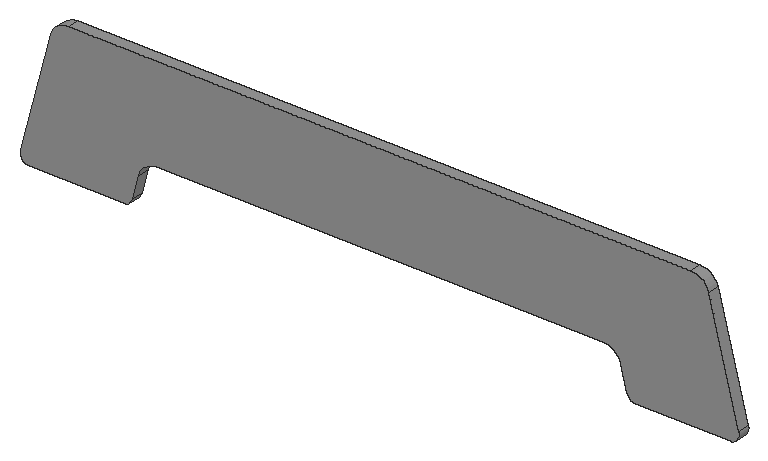
Revit family "Angeld Screen", category Furniture, Revit 2019
Family settings
  OmniClass Number = 23.40.20.00
  OmniClass Title = General Furniture and Specialties
  Work Plane-Based = No
  Always vertical = Yes
  Cut with Voids When Loaded = No
  Shared = No
  Room Calculation Point = No
Parameters (values of type "1970 x 380 High Screen")
  Width = 1970 mm
  URL = "www.gof.co.uk"
  Screen = GABRIEL Byron_13101
  Range = "SCREENS"
  Product Data Specification = "https://gof.co.uk/wp-content/uploads/2018/03/Mirage-Lite-Product-Specfication-Sheets.pdf"
  Product Code = "ML2004-9"
  Product Brochure = ""
  Model = "MIRAGE LITE"
  Manufacturer = "Gresham Office Furniture"  # constant formula
  Assembly Code = "E2020200"
Types (7, lengths in mm): name | Width | Product Code
  (no name) | 1970 | "ML2004-9"
  1970 x 380 High Screen | 1970 | "ML2004-9"
  1770 x 380 High Screen | 1770 | "ML1804-9"
  1570 x 380 High Screen | 1570 | "ML1604-9"
  1370 x 380 High Screen | 1370 | "ML1404-9"
  1170 x 380 High Screen | 1170 | "ML1204-9"
  970 x 380 High Screen | 970 | "ML1004-9"
Reference planes
  plane 1 "Center (Front/Back)": y = 0
  plane 2: z = 0
  plane 3 "Center (Left/Right)": x = 0
  plane 4: x = 985
  plane 5: x = -985
  plane 6: z = 727
Forms (mm)
  Extrusion 1, solid, material "GABRIEL Byron_13101" <- "Screen"
    sketch origin (0, 0.307, 20) x (1, 0, 0) y (0, 0, 1)
      loop
        line (852, 1087) -> (-852, 1087)
        arc (-852, 1087) -> (-882.438, 1076.668) -> (-900.296, 1049.941) r 50
        line (-900.296, 1049.941) -> (-983.754, 738.47)
        arc (-983.754, 738.47) -> (-979.44, 716.781) -> (-959.606, 707) r 25
        line (-959.606, 707) -> (-700.787, 707)
        arc (-700.787, 707) -> (-685.568, 712.166) -> (-676.639, 725.53) r 25
        line (-676.639, 725.53) -> (-659.38, 789.941)
        arc (-659.38, 789.941) -> (-641.522, 816.668) -> (-611.084, 827) r 50
        line (-611.084, 827) -> (611.084, 827)
        arc (611.084, 827) -> (641.522, 816.668) -> (659.38, 789.941) r 50
        line (659.38, 789.941) -> (676.639, 725.53)
        arc (676.639, 725.53) -> (685.568, 712.166) -> (700.787, 707) r 25
        line (700.787, 707) -> (959.606, 707)
        arc (959.606, 707) -> (979.44, 716.781) -> (983.754, 738.47) r 25
        line (983.754, 738.47) -> (900.296, 1049.941)
        arc (900.296, 1049.941) -> (882.438, 1076.668) -> (852, 1087) r 50
    from -14.693 to 15.307
Dimensions and locks
  "Width": plane 5 to plane 4
  equal spacing: plane 5, plane 3 "Center (Left/Right)", plane 4
  locked: plane 6 to level at 727
  equal spacing: Extrusion 1, plane 1 "Center (Front/Back)", Extrusion 1
  locked: Extrusion 1 to Extrusion 1 at 30
  equal spacing: plane 4, plane 3 "Center (Left/Right)", plane 5
  Extrusion 1 sketch curve to plane 5 = 373.916 mm
  plane 4 to Extrusion 1 sketch curve = 373.916 mm
  Extrusion 1 sketch curve to plane 6 = 380 mm
  angle plane 4 to Extrusion 1 = 15.00°
  angle Extrusion 1 to plane 5 = 15.00°
  aligned and locked: level to plane 2
Automatic sketch dimensions
  Extrusion 1 sketch curve to plane 6 = 0 mm  (x2)
  plane 5 to Extrusion 1 sketch curve = 1.246 mm
  Extrusion 1 sketch curve to Extrusion 1 sketch curve = 24.148 mm  (x2)
  plane 5 to Extrusion 1 sketch curve = 84.704 mm
  Extrusion 1 sketch curve to Extrusion 1 sketch curve = 48.296 mm  (x4)
  plane 6 to Extrusion 1 sketch curve = 25 mm
  plane 6 to Extrusion 1 sketch curve = 18.53 mm  (x2)
  plane 6 to Extrusion 1 sketch curve = 82.941 mm  (x2)
  Extrusion 1 sketch curve to Extrusion 1 sketch curve = 17.259 mm  (x2)
  plane 6 to Extrusion 1 sketch curve = 70 mm
  Extrusion 1 sketch curve to plane 4 = 133 mm
  Extrusion 1 sketch curve to plane 4 = 25.394 mm
  Extrusion 1 sketch curve to plane 4 = 1.246 mm
  Extrusion 1 sketch curve to Extrusion 1 sketch curve = 25 mm  (x2)
  Extrusion 1 sketch curve to Extrusion 1 sketch curve = 247.059 mm
  Extrusion 1 sketch curve to Extrusion 1 sketch curve = 12.941 mm
